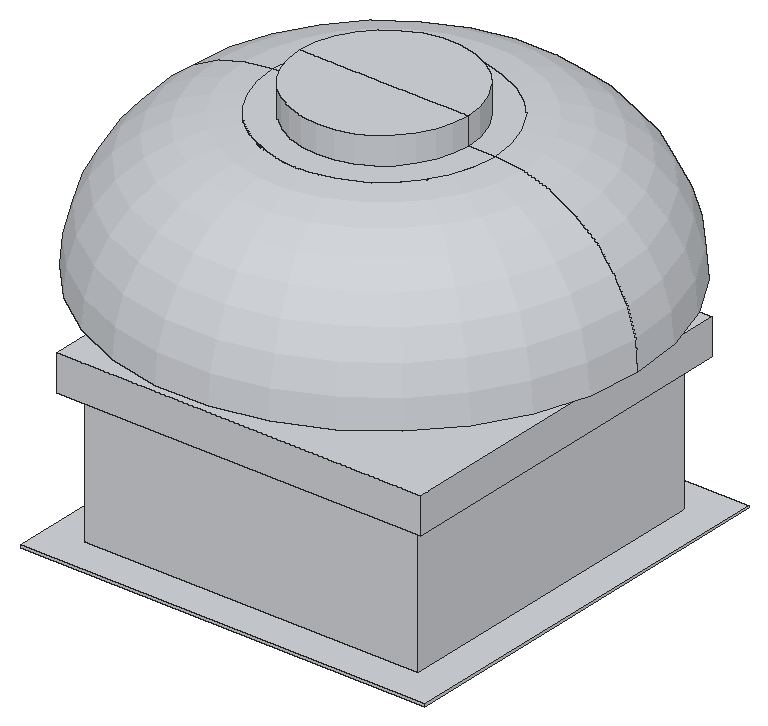
Revit family "REBS", category Mechanical Equipment, Revit 2019
Family settings
  Round Connector Dimension = Use Diameter
  Part Type = Normal
  Work Plane-Based = No
  Always vertical = Yes
  Cut with Voids When Loaded = No
  Shared = No
  Room Calculation Point = No
Parameters (values of type "12_REBS")
  Unit Weight [instance] = ""
  T_SQ/2+.125" = (T_SQ / 2) + 0' 0 1/8"  # 0' - 10 1/8"
  Sones [instance] = ""
  RO/2 = RO / 2  # 0' - 7 3/4"
  Motor RPM [instance] = ""
  Motor Enclosure [instance] = ""
  ModelID [instance] = ""
  LwA [instance] = ""
  RO = T_SQ - 0' 4 1/2"  # 1' - 3 1/2"
  T_SQ/2 = T_SQ / 2  # 0' - 10"
  T_SQ = 1' - 8"
  Fan RPM [instance] = ""
  D/2-(A-B) = D / 2 - (A - B)  # 0' - 4 11/16"
  D = 2' - 4 1/4"
  D/2 = D / 2  # 1' - 2 1/8"
  CURB_HEIGHT [instance] = 0' - 9 1/2"
  CURB [instance] = yes
  C-.125 = C - 0' 0 1/8"  # 0' - 1 7/8"
  C = 0' - 2"
  Brake Hp [instance] = ""
  B/2 = B / 2  # 0' - 2 9/16"
  B-C/2 = (B - C) / 2  # 0' - 1 9/16"
  B-C = B - C  # 0' - 3 1/8"
  B = 0' - 5 1/8"
  Accessories [instance] = ""
  A/2 = A / 2  # 0' - 7 9/32"
  A-B = A - B  # 0' - 9 7/16"
  A-1.5" = A - 0' 1 1/2"  # 1' - 1 1/16"
  A = 1' - 2 9/16"
  4" = 0' - 4"  # constant formula
  2' = 2' - 0"
  2" = 0' - 2"  # constant formula
  1" = 0' - 1"  # constant formula
  0 = 0' - 0"  # constant formula
  Voltage [instance] = 0 V
  URL = "www.lorencook.com"
  Type Comments = "Downblast Propeller Supply Ventilator Roof Mounted/Direct Drive"  # constant formula
  Static Pressure [instance] = 0.00 in-wg
  Power [instance] = Voltage * Motor FLA * sqrt(if(Phase = 3, 3, 1))  # 0 VA
  Phase [instance] = 0
  Number of Poles [instance] = 1
  Motor Hp [instance] = "0"
  Motor FLA [instance] = 0 A
  Model = "REBS"  # constant formula
  Manufacturer = "Loren Cook Company"
  CFM [instance] = 0 CFM
  1.5 = 0' - 1 1/2"  # constant formula
  ONE EIGTH = 0' - 0 1/8"  # constant formula
  -(C/2) = -(C / 2)  # -0' - 1"
  -(A/2) = -(A / 2)  # -0' - 7 9/32"
  (T_SQ/2)-2" = (T_SQ / 2) - 0' 2"  # 0' - 8"
Types (5): name | T_SQ/2+.125" | RO/2 | RO | T_SQ/2 | T_SQ | D/2-(A-B) | D | D/2 | C-.125 | C | B/2 | B-C/2 | B-C | B | A/2 | A-B | A-1.5" | A | -(C/2) | -(A/2) | (T_SQ/2)-2"
  (no name) | 0' - 10 1/8" | 0' - 7 3/4" | 1' - 3 1/2" | 0' - 10" | 1' - 8" | 0' - 4 11/16" | 2' - 4 1/4" | 1' - 2 1/8" | 0' - 1 7/8" | 0' - 2" | 0' - 2 9/16" | 0' - 1 9/16" | 0' - 3 1/8" | 0' - 5 1/8" | 0' - 7 9/32" | 0' - 9 7/16" | 1' - 1 1/16" | 1' - 2 9/16" | -0' - 1" | -0' - 7 9/32" | 0' - 8"
  12_REBS | 0' - 10 1/8" | 0' - 7 3/4" | 1' - 3 1/2" | 0' - 10" | 1' - 8" | 0' - 4 11/16" | 2' - 4 1/4" | 1' - 2 1/8" | 0' - 1 7/8" | 0' - 2" | 0' - 2 9/16" | 0' - 1 9/16" | 0' - 3 1/8" | 0' - 5 1/8" | 0' - 7 9/32" | 0' - 9 7/16" | 1' - 1 1/16" | 1' - 2 9/16" | -0' - 1" | -0' - 7 9/32" | 0' - 8"
  16_REBS | 1' - 2 1/8" | 0' - 11 3/4" | 1' - 11 1/2" | 1' - 2" | 2' - 4" | 0' - 6 3/4" | 2' - 9 1/4" | 1' - 4 5/8" | 0' - 1 7/8" | 0' - 2" | 0' - 3 1/16" | 0' - 2 1/16" | 0' - 4 1/8" | 0' - 6 1/8" | 0' - 8" | 0' - 9 7/8" | 1' - 2 1/2" | 1' - 4" | -0' - 1" | -0' - 8" | 1' - 0"
  20_REBS | 1' - 4 1/8" | 1' - 1 3/4" | 2' - 3 1/2" | 1' - 4" | 2' - 8" | 0' - 10 3/8" | 3' - 7 1/4" | 1' - 9 5/8" | 0' - 1 7/8" | 0' - 2" | 0' - 3 9/16" | 0' - 2 9/16" | 0' - 5 1/8" | 0' - 7 1/8" | 0' - 9 3/16" | 0' - 11 1/4" | 1' - 4 7/8" | 1' - 6 3/8" | -0' - 1" | -0' - 9 3/16" | 1' - 2"
  24_REBS | 1' - 6 1/8" | 1' - 3 3/4" | 2' - 7 1/2" | 1' - 6" | 3' - 0" | 0' - 11 1/4" | 3' - 11 1/2" | 1' - 11 3/4" | 0' - 2 7/8" | 0' - 3" | 0' - 4 9/16" | 0' - 3 1/16" | 0' - 6 1/8" | 0' - 9 1/8" | 0' - 10 13/16" | 1' - 0 1/2" | 1' - 8 1/8" | 1' - 9 5/8" | -0' - 1 1/2" | -0' - 10 13/16" | 1' - 4"
Reference planes (in)
  plane 1 "Center (Front/Back)": y = 0
  plane 2: z = 0
  plane 3 "Center (Left/Right)": x = 0.40541
Forms (in)
  Extrusion 1, solid
    sketch origin (0, 0, 0) x (1, 0, 0) y (0, 1, 0)
      loop
        line (-9.71959, 10.125) -> (-9.71959, -10.125) -> (10.53041, -10.125) -> (10.53041, 10.125) -> (-9.71959, 10.125)
    from 0 to 2 <- "C"
  Extrusion 2, void
    sketch origin (0, 0, 0) x (1, 0, 0) y (0, 1, 0)
      loop
        line (-9.59459, 10) -> (-9.59459, -10) -> (10.40541, -10) -> (10.40541, 10) -> (-9.59459, 10)
    from 0 to 1.875 <- "C-.125"
  Revolve 3, solid
    sketch origin (0, 0, 0) x (1, 0, 0) y (0, 0, 1)
      loop
        line (-7.59459, 2) -> (0.40541, 2) -> (0.40541, 5.125) -> (-7.59459, 5.125)
        arc (-7.59459, 5.125) -> (-6.03209, 3.5625) -> (-7.59459, 2) r 1.5625
      axis (0.40541, 5.125) -> (0.40541, 2)
    angle from 0 to 360
  Revolve 4, solid
    sketch origin (0, 0, 0) x (1, 0, 0) y (0, 0, 1)
      loop
        arc (-5.78209, 13.0625) -> (-11.39475, 10.73766) -> (-13.71959, 5.125) r 7.9375
        line (-13.71959, 5.125) -> (0.40541, 5.125) -> (0.40541, 13.0625) -> (-5.78209, 13.0625)
      axis (0.40541, 5.125) -> (0.40541, 13.0625)
    angle from 0 to 360
  Revolve 5, solid
    sketch origin (0, 0, 0) x (1, 0, 0) y (0, 0, 1)
      loop
        line (0.40541, 13.0625) -> (0.40541, 14.5625) -> (-4.28209, 14.5625) -> (-4.28209, 13.0625) -> (0.40541, 13.0625)
      axis (0.40541, 14.5625) -> (0.40541, 13.0625)
    angle from 0 to 360
  Extrusion 6, solid, visible <- "CURB"
    sketch origin (0, 0, 1.875) x (0, 1, 0) y (1, 0, 0)
      loop
        line (7.75, -7.34459) -> (7.75, 8.15541) -> (-7.75, 8.15541) -> (-7.75, -7.34459) -> (7.75, -7.34459)
      loop
        line (-9.25, 9.65541) -> (-9.25, -8.84459) -> (9.25, -8.84459) -> (9.25, 9.65541) -> (-9.25, 9.65541)
    from 0 to 9.5 <- "CURB_HEIGHT"
  Extrusion 7, solid, visible <- "CURB"
    sketch origin (0, 0, -7.625) x (-1, 0, 0) y (0, 1, 0)
      loop
        line (8.84459, -9.25) -> (8.84459, 9.25) -> (-9.65541, 9.25) -> (-9.65541, -9.25) -> (8.84459, -9.25)
      loop
        line (-11.65541, 11.25) -> (-11.65541, -11.25) -> (10.84459, -11.25) -> (10.84459, 11.25) -> (-11.65541, 11.25)
    from 0 to -0.125
Cuts and joins
  Extrusion 2 cuts Extrusion 1
Dimensions and locks (in)
  "T_SQ/2+.125"": Extrusion 1 sketch curve to plane 3 "Center (Left/Right)"
  "T_SQ/2+.125"": plane 3 "Center (Left/Right)" to Extrusion 1 sketch curve
  "T_SQ/2+.125"": plane 1 "Center (Front/Back)" to Extrusion 1 sketch curve
  "T_SQ/2+.125"": Extrusion 1 sketch curve to plane 1 "Center (Front/Back)"
  "T_SQ/2": Extrusion 2 sketch curve to plane 3 "Center (Left/Right)"
  "T_SQ/2": plane 3 "Center (Left/Right)" to Extrusion 2 sketch curve
  "T_SQ/2": plane 1 "Center (Front/Back)" to Extrusion 2 sketch curve
  "T_SQ/2": Extrusion 2 sketch curve to plane 1 "Center (Front/Back)"
  "B": Revolve 3 sketch curve to level
  "0": Revolve 3 sketch curve to cut or joined group of Extrusion 1, Extrusion 2
  "(T_SQ/2)-2"": plane 3 "Center (Left/Right)" to Revolve 3 sketch curve
  "0": Revolve 3 sketch curve to plane 3 "Center (Left/Right)"  (x2)
  "0": Revolve 4 sketch curve to plane 3 "Center (Left/Right)"  (x2)
  "D/2": plane 3 "Center (Left/Right)" to Revolve 4 sketch curve
  "0": Revolve 4 sketch curve to Revolve 3
  "A-1.5"": Revolve 4 sketch curve to level
  "0": Revolve 3 to Revolve 4 sketch curve
  "0": Revolve 5 sketch curve to plane 3 "Center (Left/Right)"  (x2)
  "A": Revolve 5 sketch curve to level
  "A-1.5"": Revolve 5 sketch curve to level
  "D/2-(A-B)": plane 3 "Center (Left/Right)" to Revolve 5 sketch curve
  "1.5": Extrusion 6 sketch curve to Extrusion 6 sketch curve  (x4)
  "RO/2": Extrusion 6 sketch curve to plane 3 "Center (Left/Right)"
  "RO/2": plane 3 "Center (Left/Right)" to Extrusion 6 sketch curve
  "RO/2": plane 1 "Center (Front/Back)" to Extrusion 6 sketch curve
  "RO/2": Extrusion 6 sketch curve to plane 1 "Center (Front/Back)"
  "2"": Extrusion 7 sketch curve to Extrusion 7 sketch curve  (x4)
  "0": Extrusion 6 to Extrusion 7 sketch curve
  "0": Extrusion 7 sketch curve to Extrusion 6  (x3)
Automatic sketch dimensions
  Revolve 3 sketch curve to level = 0' - 2 1/2"
  Revolve 3 sketch curve to Revolve 3 sketch curve = 0' - 0"
  Revolve 4 sketch curve to Revolve 4 sketch curve = 0' - 0"  (x2)
  Revolve 4 sketch curve to Revolve 4 sketch curve = 0' - 3 1/4"
  Revolve 5 sketch curve to Revolve 5 sketch curve = 0' - 4 1/2"
  Revolve 5 sketch curve to Revolve 5 sketch curve = 0' - 0"
Connectors (in)
  electrical at (0.40541, 0, 1.875)
    settings: on cut or joined group of Extrusion 1, Extrusion 2, index 2, voltage 0 V, apparent load 0 VA, apparent load phase1 0 VA, apparent load phase2 0 VA, apparent load phase3 0 VA, power factor 1, load classification "Other", number of poles 1, system type 30, power factor state 1, is connector primary yes, connector utility no, sub classification motor no, connector description ""
  hvac at (0.40541, 0, 2), driven by "CFM", driven by "RO", driven by "RO"
    settings: on cut or joined group of Extrusion 1, Extrusion 2, index 3, duct flow 0 CFM, flow factor 0, pres drop 0.00 in-wg, loss coef 0, conn angle 0.00°, conn width 15 1/2", conn height 15 1/2", conn diameter 24", duct sys type 1, conn prof type 1, flow config 0, flow direction 2, loss method 0, conn ref index -1, conn util no, is conn primary yes, conn desc ""
